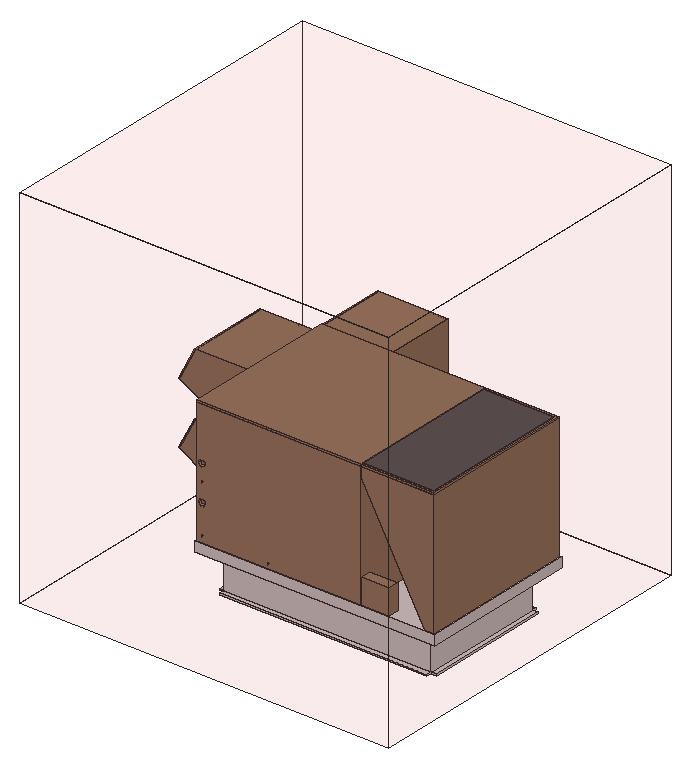
Revit family "Air_Conditioner_Packaged_Rooftop Z(F,H,J,R,S,U,W,K) 8.5-10T Z(J,W) 6.5-7.5T, X(P,A) 6.5-10T", category Mechanical Equipment, Revit 2018 (continued)
Definition of nested family "Commercial_Comfort_Systems-Series_10-Johnson_Control-Curb"
  Dimensions and locks (in)
    aligned and locked: Extrusion 2 sketch curve to plane 12 "Frame Front"
    aligned and locked: Extrusion 2 sketch curve to plane 5 "Front"
    aligned and locked: Extrusion 2 sketch curve to plane 6 "Left"
    aligned and locked: Extrusion 2 sketch curve to plane 7 "Right"
    aligned and locked: Extrusion 2 sketch curve to plane 4 "Back"
    aligned and locked: plane 19 "Top" to Extrusion 2
    aligned and locked: Extrusion 2 to plane 20 "Lip Bottom"
    aligned and locked: Extrusion 3 sketch curve to plane 9 "Frame Thickness Back"  (x2)
    aligned and locked: Extrusion 3 sketch curve to plane 12 "Frame Front"  (x2)
    aligned and locked: plane 8 "Frame Thickness Left" to Extrusion 3 sketch curve
    aligned and locked: Extrusion 3 sketch curve to plane 6 "Left"
    aligned and locked: plane 13 "Frame Right" to Extrusion 3 sketch curve
    aligned and locked: Extrusion 3 sketch curve to plane 7 "Right"
    aligned and locked: Extrusion 3 to plane 2 "Bottom"
    aligned and locked: plane 21 "Flange Top" to Extrusion 3
    aligned and locked: Extrusion 4 sketch curve to plane 8 "Frame Thickness Left"  (x2)
    aligned and locked: plane 9 "Frame Thickness Back" to Extrusion 4 sketch curve
    aligned and locked: Extrusion 4 sketch curve to plane 13 "Frame Right"  (x2)
    aligned and locked: Extrusion 4 sketch curve to plane 4 "Back"
    aligned and locked: plane 12 "Frame Front" to Extrusion 4 sketch curve
    aligned and locked: Extrusion 4 sketch curve to plane 5 "Front"
    aligned and locked: Extrusion 4 to plane 2 "Bottom"
    aligned and locked: plane 21 "Flange Top" to Extrusion 4
    aligned and locked: curve 2 to plane 6 "Left"
    aligned and locked: curve 1 to plane 4 "Back"
    aligned and locked: curve 4 to plane 7 "Right"
    aligned and locked: curve 5 to plane 4 "Back"
    aligned and locked: curve 8 to plane 7 "Right"
    aligned and locked: curve 7 to plane 5 "Front"
    aligned and locked: curve 6 to plane 6 "Left"
    aligned and locked: curve 9 to plane 9 "Frame Thickness Back"
    aligned and locked: curve 10 to plane 8 "Frame Thickness Left"
    aligned and locked: curve 11 to plane 12 "Frame Front"
    aligned and locked: curve 12 to plane 13 "Frame Right"
    aligned and locked: curve 13 to plane 9 "Frame Thickness Back"
    aligned and locked: curve 16 to plane 13 "Frame Right"
    aligned and locked: curve 14 to plane 8 "Frame Thickness Left"
    aligned and locked: curve 15 to plane 12 "Frame Front"
    aligned and locked: curve 18 to plane 6 "Left"
    aligned and locked: curve 19 to plane 5 "Front"
    aligned and locked: curve 20 to plane 7 "Right"
    aligned and locked: curve 17 to plane 4 "Back"
    aligned and locked: curve 21 to plane 4 "Back"
    aligned and locked: curve 22 to plane 6 "Left"
    aligned and locked: curve 23 to plane 5 "Front"
    aligned and locked: curve 24 to plane 7 "Right"
    aligned and locked: plane 2 "Bottom" to curve 28
    aligned and locked: plane 2 "Bottom" to curve 25
    aligned and locked: plane 2 "Bottom" to curve 32
    aligned and locked: plane 2 "Bottom" to curve 29
    aligned and locked: plane 21 "Flange Top" to curve 28
    aligned and locked: plane 21 "Flange Top" to curve 25
    aligned and locked: plane 21 "Flange Top" to curve 32
    aligned and locked: plane 21 "Flange Top" to curve 29
    aligned and locked: plane 20 "Lip Bottom" to curve 27
    aligned and locked: plane 20 "Lip Bottom" to curve 26
    aligned and locked: plane 20 "Lip Bottom" to curve 31
    aligned and locked: plane 20 "Lip Bottom" to curve 30
    aligned and locked: plane 19 "Top" to curve 30
    aligned and locked: plane 19 "Top" to curve 31
    aligned and locked: plane 19 "Top" to curve 26
    aligned and locked: plane 19 "Top" to curve 27
    aligned and locked: curve 26 to plane 6 "Left"
    aligned and locked: curve 27 to plane 6 "Left"
    aligned and locked: curve 25 to plane 6 "Left"
    aligned and locked: curve 28 to plane 6 "Left"
    aligned and locked: plane 7 "Right" to curve 31
    aligned and locked: plane 7 "Right" to curve 30
    aligned and locked: plane 7 "Right" to curve 32
    aligned and locked: plane 7 "Right" to curve 29
    aligned and locked: plane 20 "Lip Bottom" to curve 35
    aligned and locked: plane 20 "Lip Bottom" to curve 34
    aligned and locked: plane 20 "Lip Bottom" to curve 33
    aligned and locked: plane 20 "Lip Bottom" to curve 36
    aligned and locked: plane 21 "Flange Top" to curve 36
    aligned and locked: plane 21 "Flange Top" to curve 33
    aligned and locked: plane 21 "Flange Top" to curve 34
    aligned and locked: plane 21 "Flange Top" to curve 35
    aligned and locked: curve 34 to plane 8 "Frame Thickness Left"
    aligned and locked: curve 35 to plane 8 "Frame Thickness Left"
    aligned and locked: plane 13 "Frame Right" to curve 33
    aligned and locked: plane 13 "Frame Right" to curve 36
    aligned and locked: Masking region 1 sketch curve to plane 19 "Top"
    aligned and locked: Masking region 1 sketch curve to plane 6 "Left"
    aligned and locked: plane 20 "Lip Bottom" to Masking region 1 sketch curve  (x2)
    aligned and locked: Masking region 1 sketch curve to plane 8 "Frame Thickness Left"
    aligned and locked: Masking region 1 sketch curve to plane 13 "Frame Right"
    aligned and locked: plane 2 "Bottom" to Masking region 1 sketch curve
    aligned and locked: Masking region 1 sketch curve to plane 7 "Right"
    aligned and locked: plane 8 "Frame Thickness Left" to Masking region 2 sketch curve
    aligned and locked: Masking region 2 sketch curve to plane 6 "Left"
    aligned and locked: Masking region 2 sketch curve to plane 21 "Flange Top"  (x2)
    aligned and locked: plane 2 "Bottom" to Masking region 2 sketch curve  (x2)
    aligned and locked: plane 13 "Frame Right" to Masking region 2 sketch curve
    aligned and locked: Masking region 2 sketch curve to plane 7 "Right"
    aligned and locked: plane 13 "Frame Right" to curve 37
    aligned and locked: plane 8 "Frame Thickness Left" to curve 37
    aligned and locked: curve 37 to plane 21 "Flange Top"
    aligned and locked: Masking region 3 sketch curve to plane 5 "Front"
    aligned and locked: Masking region 3 sketch curve to plane 19 "Top"
    aligned and locked: Masking region 3 sketch curve to plane 4 "Back"
    aligned and locked: plane 20 "Lip Bottom" to Masking region 3 sketch curve  (x2)
    aligned and locked: Masking region 3 sketch curve to plane 9 "Frame Thickness Back"
    aligned and locked: plane 2 "Bottom" to Masking region 3 sketch curve
    aligned and locked: Masking region 3 sketch curve to plane 12 "Frame Front"
    aligned and locked: Masking region 4 sketch curve to plane 5 "Front"
    aligned and locked: plane 12 "Frame Front" to Masking region 4 sketch curve
    aligned and locked: Masking region 4 sketch curve to plane 21 "Flange Top"  (x2)
    aligned and locked: plane 2 "Bottom" to Masking region 4 sketch curve  (x2)
    aligned and locked: plane 9 "Frame Thickness Back" to Masking region 4 sketch curve
    aligned and locked: Masking region 4 sketch curve to plane 4 "Back"
    aligned and locked: plane 9 "Frame Thickness Back" to curve 38
    aligned and locked: plane 12 "Frame Front" to curve 38
    aligned and locked: curve 38 to plane 21 "Flange Top"
    aligned and locked: plane 13 "Frame Right" to curve 39
    aligned and locked: plane 8 "Frame Thickness Left" to curve 39
    aligned and locked: curve 39 to plane 20 "Lip Bottom"
    aligned and locked: plane 9 "Frame Thickness Back" to curve 40
    aligned and locked: plane 12 "Frame Front" to curve 40
    aligned and locked: curve 40 to plane 20 "Lip Bottom"
    aligned and locked: curve 3 to plane 5 "Front"
Definition of nested family "Commercial_Comfort_Systems-Series_10-Johnson_Control-Outdoor_Air_Hood"
  Parameters
    Paint Finish = none
    Length = 26"
    Height = 35 3/4"
    Depth = 25 3/4"
  Reference planes (in)
    plane 1 "Center (Front/Back)": y = 0
    plane 2 "Bottom": z = 0
    plane 3 "Center (Left/Right)": x = 0
    plane 4 "Back": y = 12.875
    plane 5 "Front": y = -12.875
    plane 6 "Left": x = -13
    plane 7 "Right": x = 13
    plane 8 "Top": z = 35.75
    plane 9 "Frame Left": x = -12.75
    plane 10 "Frame Right": x = 12.75
    plane 11 "Opening Top": z = 23.75
    plane 12 "Opening Bottom": z = 4
    plane 13 "Frame Top": z = 35.5
    plane 14 "Frame Front": y = -12.625
  Forms (in)
    Extrusion 1, solid, material <- "Paint Finish", detail levels fine
      sketch origin (0, 0, 0) x (1, 0, 0) y (0, 1, 0)
        loop
          line (-13, 12.875) -> (-13, -12.875) -> (-12.75, -12.875) -> (-12.75, 12.875) -> (-13, 12.875)
        loop
          line (12.75, 12.875) -> (12.75, -12.875) -> (13, -12.875) -> (13, 12.875) -> (12.75, 12.875)
      from 0 to 35.5
    Extrusion 2, solid, material <- "Paint Finish", detail levels fine
      sketch origin (0, 0, 0) x (1, 0, 0) y (0, 1, 0)
        loop
          line (-13, 12.875) -> (-13, -12.875) -> (13, -12.875) -> (13, 12.875) -> (-13, 12.875)
      from 35.5 to 35.75
    Extrusion 3, solid, material <- "Paint Finish", detail levels fine
      sketch origin (0, 0, 0) x (0, 1, 0) y (0, 0, 1)
        loop
          line (-12.875, 4) -> (-12.72285, 3.80163) -> (12.875, 23.43493) -> (12.875, 23.75) -> (-12.875, 4)
      from -12.75 to 12.75
    Extrusion 4, solid, material <- "Paint Finish", detail levels fine
      sketch origin (0, 0, 0) x (1, 0, 0) y (0, 0, 1)
        loop
          line (-12.75, 35.5) -> (-12.75, 23.75) -> (12.75, 23.75) -> (12.75, 35.5) -> (-12.75, 35.5)
      from 12.625 to 12.875
  Lines and regions (in)
    Masking region 1, detail levels medium+fine
      outline origin (0, 0, 35.75) x (-1, 0, 0) y (0, -1, 0)
        loop
          line (13, -12.875) -> (13, 12.875) -> (-13, 12.875) -> (-13, -12.875) -> (13, -12.875)
    Masking region 2, detail levels medium+fine
      outline origin (0, 0, 0) x (1, 0, 0) y (0, 0, 1)
        loop
          line (-13, 35.75) -> (-13, 0) -> (-12.75, 0) -> (-12.75, 4) -> (12.75, 4) -> (12.75, 0) -> (13, 0) -> (13, 35.75) -> (-13, 35.75)
    Masking region 3, detail levels medium+fine
      outline origin (0, 0, 0) x (0, 1, 0) y (0, 0, 1)
        loop
          line (-12.875, 35.75) -> (-12.875, 0) -> (12.875, 0) -> (12.875, 35.75) -> (-12.875, 35.75)
    symbolic lines, detail levels fine
      curve 1: line (-13, 0, 23.75) -> (13, 0, 23.75)
    model lines, detail levels medium
      curve 2: line (-13, 12.875, 35.75) -> (13, 12.875, 35.75)
      curve 3: line (-13, -12.875, 35.75) -> (-13, 12.875, 35.75)
      curve 4: line (13, -12.875, 35.75) -> (-13, -12.875, 35.75)
      curve 5: line (13, 12.875, 35.75) -> (13, -12.875, 35.75)
      curve 6: line (-13, 12.875, 0) -> (13, 12.875, 0)
      curve 7: line (-13, -12.875, 0) -> (-13, 12.875, 0)
      curve 8: line (13, -12.875, 0) -> (-13, -12.875, 0)
      curve 9: line (13, 12.875, 0) -> (13, -12.875, 0)
      curve 10: line (-13, -12.875, 0) -> (-13, -12.875, 35.75)
      curve 11: line (13, -12.875, 0) -> (13, -12.875, 35.75)
      curve 12: line (-13, 12.875, 0) -> (-13, 12.875, 35.75)
      curve 13: line (13, 12.875, 0) -> (13, 12.875, 35.75)
  Dimensions and locks (in)
    equal spacing: plane 6 "Left", plane 3 "Center (Left/Right)", plane 7 "Right"
    "Length": plane 6 "Left" to plane 7 "Right"
    equal spacing: plane 4 "Back", plane 1 "Center (Front/Back)", plane 5 "Front"
    "Depth": plane 5 "Front" to plane 4 "Back"
    "Height": plane 8 "Top" to plane 2 "Bottom"
    locked: plane 6 "Left" to plane 9 "Frame Left" at 0.25
    locked: plane 10 "Frame Right" to plane 7 "Right" at 0.25
    locked: plane 8 "Top" to plane 11 "Opening Top" at 12
    locked: plane 12 "Opening Bottom" to plane 2 "Bottom" at 4
    locked: plane 8 "Top" to plane 13 "Frame Top" at 0.25
    locked: Extrusion 3 sketch curve to Extrusion 3 sketch curve at 0.25
    locked: plane 11 "Opening Top" to Extrusion 3 sketch curve at 0.31507
    locked: plane 5 "Front" to plane 14 "Frame Front" at 0.25
    locked: Extrusion 3 sketch curve to Extrusion 3 sketch curve (angle 90.00°)  (x2)
    locked: plane 12 "Opening Bottom" to Extrusion 3 sketch curve (angle 37.4879°)
    aligned and locked: Extrusion 1 sketch curve to plane 4 "Back"  (x2)
    aligned and locked: Extrusion 1 sketch curve to plane 10 "Frame Right"
    aligned and locked: plane 7 "Right" to Extrusion 1 sketch curve
    aligned and locked: Extrusion 1 sketch curve to plane 5 "Front"  (x2)
    aligned and locked: Extrusion 1 sketch curve to plane 9 "Frame Left"
    aligned and locked: plane 6 "Left" to Extrusion 1 sketch curve
    aligned and locked: plane 13 "Frame Top" to Extrusion 1
    aligned and locked: Extrusion 1 to plane 2 "Bottom"
    aligned and locked: Extrusion 2 sketch curve to plane 4 "Back"
    aligned and locked: plane 7 "Right" to Extrusion 2 sketch curve
    aligned and locked: Extrusion 2 sketch curve to plane 5 "Front"
    aligned and locked: plane 6 "Left" to Extrusion 2 sketch curve
    aligned and locked: plane 8 "Top" to Extrusion 2
    aligned and locked: Extrusion 2 to plane 13 "Frame Top"
    aligned and locked: plane 11 "Opening Top" to Extrusion 3 sketch curve
    aligned and locked: plane 12 "Opening Bottom" to Extrusion 3 sketch curve
    aligned and locked: plane 5 "Front" to Extrusion 3 sketch curve
    aligned and locked: Extrusion 3 to plane 10 "Frame Right"
    aligned and locked: Extrusion 3 to plane 9 "Frame Left"
    aligned and locked: plane 11 "Opening Top" to Extrusion 4 sketch curve
    aligned and locked: plane 10 "Frame Right" to Extrusion 4 sketch curve
    aligned and locked: plane 9 "Frame Left" to Extrusion 4 sketch curve
    aligned and locked: Extrusion 4 sketch curve to plane 13 "Frame Top"
    aligned and locked: plane 5 "Front" to Extrusion 4
    aligned and locked: Extrusion 4 to plane 14 "Frame Front"
    aligned and locked: Masking region 1 sketch curve to plane 4 "Back"
    aligned and locked: plane 7 "Right" to Masking region 1 sketch curve
    aligned and locked: Masking region 1 sketch curve to plane 5 "Front"
    aligned and locked: plane 6 "Left" to Masking region 1 sketch curve
    aligned and locked: plane 6 "Left" to Masking region 2 sketch curve
    aligned and locked: Masking region 2 sketch curve to plane 8 "Top"
    aligned and locked: plane 7 "Right" to Masking region 2 sketch curve
    aligned and locked: plane 2 "Bottom" to Masking region 2 sketch curve  (x2)
    aligned and locked: Masking region 2 sketch curve to plane 10 "Frame Right"
    aligned and locked: plane 12 "Opening Bottom" to Masking region 2 sketch curve
    aligned and locked: Masking region 2 sketch curve to plane 9 "Frame Left"
    aligned and locked: plane 6 "Left" to curve 1
    aligned and locked: plane 7 "Right" to curve 1
    aligned and locked: curve 1 to plane 11 "Opening Top"
    aligned and locked: plane 2 "Bottom" to Masking region 3 sketch curve
    aligned and locked: Masking region 3 sketch curve to plane 4 "Back"
    aligned and locked: Masking region 3 sketch curve to plane 8 "Top"
    aligned and locked: Masking region 3 sketch curve to plane 5 "Front"
    aligned and locked: curve 2 to plane 4 "Back"
    aligned and locked: curve 4 to plane 5 "Front"
    aligned and locked: curve 8 to plane 5 "Front"
    aligned and locked: plane 7 "Right" to curve 5
    aligned and locked: plane 7 "Right" to curve 9
    aligned and locked: plane 6 "Left" to curve 3
    aligned and locked: plane 6 "Left" to curve 7
    aligned and locked: curve 6 to plane 4 "Back"
    aligned and locked: plane 2 "Bottom" to curve 12
    aligned and locked: plane 2 "Bottom" to curve 10
    aligned and locked: plane 2 "Bottom" to curve 13
    aligned and locked: plane 2 "Bottom" to curve 11
    aligned and locked: plane 8 "Top" to curve 13
    aligned and locked: plane 8 "Top" to curve 11
    aligned and locked: plane 8 "Top" to curve 10
    aligned and locked: plane 8 "Top" to curve 12
    aligned and locked: plane 6 "Left" to curve 10
    aligned and locked: plane 6 "Left" to curve 12
    aligned and locked: curve 11 to plane 7 "Right"
    aligned and locked: curve 13 to plane 7 "Right"
Definition of nested family "Commercial_Comfort_Systems-Series_10-Johnson_Control-Hood"
  Parameters
    Paint Finish = none
    Open Hole [instance] = yes
    No Hood [instance] = not(or(Hood, Open Hole))  # no
    Length = 30 1/4"
    Hood [instance] = yes
    Height = 18 7/8"
    Depth = 26"
  Reference planes (in)
    plane 1 "Center (Front/Back)": y = 0
    plane 2 "Bottom": z = 0
    plane 3 "Center (Left/Right)": x = 0
    plane 4 "Back": y = 13
    plane 5 "Front": y = -13
    plane 6 "Left": x = -15.125
    plane 7 "Right": x = 15.125
    plane 8 "Bottom Angle Back": y = 7
    plane 9 "Top Angle Front": y = -7
    plane 10 "Top": z = 18.875
    plane 11 "Frame Left": x = -14.875
    plane 12 "Frame Right": x = 14.875
    plane 13 "Frame Top": z = 18.625
    plane 14 "Frame Bottom": z = 0.25
    plane 15 "Center Elevation": z = 9.4375
    plane 16 "Close Hood Back": y = 13.5
    plane 17 "Front Offset": y = -12.77212
    plane 18 "Center (Elevation) Offset": z = 9.1875
    plane 19 "Bottom Angle Back Offset": y = 6.4702
    plane 20 "Top Angle Front Offset": y = -6.86269
  Forms (in)
    Extrusion 1, solid, material <- "Paint Finish", visible <- "Hood", detail levels fine
      sketch origin (0, 0, 0) x (0, 1, 0) y (0, 0, 1)
        loop
          line (-13, 9.4375) -> (7, 0) -> (13, 0) -> (13, 18.875) -> (-7, 18.875) -> (-13, 9.4375)
      from -15.125 to 15.125
    Extrusion 2, solid, material <- "Paint Finish", visible <- "No Hood", detail levels medium+fine
      sketch origin (0, 0, 9.4375) x (-1, 0, 0) y (0, -1, 0)
        loop
          line (15.125, -13.5) -> (15.125, -13) -> (-15.125, -13) -> (-15.125, -13.5) -> (15.125, -13.5)
      from -9.4375 to 9.4375
    Extrusion 3, void, detail levels fine
      sketch origin (15.125, 0, 0) x (0, -1, 0) y (0, 0, -1)
        loop
          line (-13, -18.625) -> (6.86269, -18.625) -> (12.77212, -9.1875) -> (-6.4702, -0.25) -> (-13, -0.25) -> (-13, -18.625)
      from -30 to -0.25
  Cuts and joins
    Extrusion 3 cuts Extrusion 1
  Lines and regions (in)
    Masking region 1, visible <- "Hood", detail levels medium+fine
      outline origin (0, 0, 18.875) x (-1, 0, 0) y (0, -1, 0)
        loop
          line (15.125, -13) -> (15.125, 13) -> (-15.125, 13) -> (-15.125, -13) -> (15.125, -13)
    Masking region 2, visible <- "Hood", detail levels medium+fine
      outline origin (0, 0, 0) x (0, 1, 0) y (0, 0, 1)
        loop
          line (-7, 18.875) -> (-13, 9.4375) -> (7, 0) -> (13, 0) -> (13, 18.875) -> (-7, 18.875)
    Masking region 3, detail levels medium+fine
      outline origin (0, 0, 0) x (1, 0, 0) y (0, 0, 1)
        loop
          line (-15.125, 18.875) -> (-15.125, 0) -> (15.125, 0) -> (15.125, 18.875) -> (-15.125, 18.875)
    symbolic lines, visible <- "Hood", detail levels fine
      curve 1: line (-15.125, -7, 18.875) -> (15.125, -7, 18.875)
      curve 2: line (-15.125, 0, 9.4375) -> (15.125, 0, 9.4375)
    model lines, visible <- "Hood", detail levels medium
      curve 3: line (-15.125, 13, 18.875) -> (15.125, 13, 18.875)
      curve 4: line (-15.125, -7, 18.875) -> (-15.125, 13, 18.875)
      curve 5: line (15.125, -7, 18.875) -> (-15.125, -7, 18.875)
      curve 6: line (15.125, 13, 18.875) -> (15.125, -7, 18.875)
      curve 7: line (-15.125, 13, 0) -> (15.125, 13, 0)
      curve 8: line (-15.125, 7, 0) -> (-15.125, 13, 0)
      curve 9: line (15.125, 7, 0) -> (-15.125, 7, 0)
      curve 10: line (15.125, 13, 0) -> (15.125, 7, 0)
      curve 11: line (-15.125, -13, 9.4375) -> (15.125, -13, 9.4375)
      curve 12: line (15.125, -7, 18.875) -> (15.125, -13, 9.4375)
      curve 13: line (15.125, -13, 9.4375) -> (15.125, 7, 0)
      curve 14: line (-15.125, -7, 18.875) -> (-15.125, -13, 9.4375)
      curve 15: line (-15.125, -13, 9.4375) -> (-15.125, 7, 0)
    model lines, detail levels medium
      curve 16: line (-15.125, 13, 18.875) -> (-15.125, 13, 0)
      curve 17: line (15.125, 13, 0) -> (15.125, 13, 18.875)
  Dimensions and locks (in)
    equal spacing: plane 5 "Front", plane 1 "Center (Front/Back)", plane 4 "Back"
    "Depth": plane 5 "Front" to plane 4 "Back"
    equal spacing: plane 6 "Left", plane 3 "Center (Left/Right)", plane 7 "Right"
    "Length": plane 6 "Left" to plane 7 "Right"
    locked: plane 4 "Back" to plane 8 "Bottom Angle Back" at 6
    locked: plane 5 "Front" to plane 9 "Top Angle Front" at 6
    "Height": plane 10 "Top" to plane 2 "Bottom"
    locked: plane 14 "Frame Bottom" to plane 2 "Bottom" at 0.25
    locked: plane 10 "Top" to plane 13 "Frame Top" at 0.25
    locked: plane 6 "Left" to plane 11 "Frame Left" at 0.25
    locked: plane 12 "Frame Right" to plane 7 "Right" at 0.25
    equal spacing: plane 10 "Top", plane 15 "Center Elevation", plane 2 "Bottom"
    locked: plane 16 "Close Hood Back" to plane 4 "Back" at 0.5
    locked: plane 5 "Front" to plane 17 "Front Offset" at 0.22788
    locked: plane 15 "Center Elevation" to plane 18 "Center (Elevation) Offset" at 0.25
    locked: plane 19 "Bottom Angle Back Offset" to plane 8 "Bottom Angle Back" at 0.5298
    locked: plane 9 "Top Angle Front" to plane 20 "Top Angle Front Offset" at 0.13731
    aligned and locked: Extrusion 1 sketch curve to plane 10 "Top"
    aligned and locked: Extrusion 1 sketch curve to plane 4 "Back"
    aligned and locked: plane 2 "Bottom" to Extrusion 1 sketch curve  (x2)
    aligned and locked: plane 8 "Bottom Angle Back" to Extrusion 1 sketch curve
    aligned and locked: plane 5 "Front" to Extrusion 1 sketch curve
    aligned and locked: plane 15 "Center Elevation" to Extrusion 1 sketch curve
    aligned and locked: plane 9 "Top Angle Front" to Extrusion 1 sketch curve
    aligned and locked: plane 6 "Left" to Extrusion 1
    aligned and locked: plane 7 "Right" to Extrusion 1
    aligned and locked: Masking region 1 sketch curve to plane 5 "Front"
    aligned and locked: Masking region 1 sketch curve to plane 7 "Right"
    aligned and locked: Masking region 1 sketch curve to plane 6 "Left"
    aligned and locked: Masking region 1 sketch curve to plane 4 "Back"
    aligned and locked: plane 7 "Right" to curve 1
    aligned and locked: plane 9 "Top Angle Front" to curve 1
    aligned and locked: plane 10 "Top" to Masking region 2 sketch curve  (x2)
    aligned and locked: plane 4 "Back" to Masking region 2 sketch curve
    aligned and locked: Masking region 2 sketch curve to plane 2 "Bottom"
    aligned and locked: plane 8 "Bottom Angle Back" to Masking region 2 sketch curve
    aligned and locked: plane 5 "Front" to Masking region 2 sketch curve
    aligned and locked: plane 15 "Center Elevation" to Masking region 2 sketch curve
    aligned and locked: plane 9 "Top Angle Front" to Masking region 2 sketch curve
    aligned and locked: Masking region 3 sketch curve to plane 10 "Top"
    aligned and locked: plane 2 "Bottom" to Masking region 3 sketch curve
    aligned and locked: Masking region 3 sketch curve to plane 7 "Right"
    aligned and locked: Masking region 3 sketch curve to plane 6 "Left"
    aligned and locked: plane 6 "Left" to curve 2
    aligned and locked: plane 7 "Right" to curve 2
    aligned and locked: curve 2 to plane 15 "Center Elevation"
    aligned and locked: curve 3 to plane 4 "Back"
    aligned and locked: curve 4 to plane 6 "Left"
    aligned and locked: curve 5 to plane 9 "Top Angle Front"
    aligned and locked: curve 6 to plane 7 "Right"
    aligned and locked: plane 8 "Bottom Angle Back" to curve 9
    aligned and locked: curve 10 to plane 7 "Right"
    aligned and locked: curve 8 to plane 6 "Left"
    aligned and locked: curve 7 to plane 4 "Back"
    aligned and locked: plane 6 "Left" to curve 11
    aligned and locked: plane 7 "Right" to curve 11
    aligned and locked: plane 5 "Front" to curve 11
    aligned and locked: plane 10 "Top" to curve 12
    aligned and locked: plane 9 "Top Angle Front" to curve 12
    aligned and locked: plane 8 "Bottom Angle Back" to curve 13
    aligned and locked: plane 2 "Bottom" to curve 13
    aligned and locked: plane 5 "Front" to curve 13
    aligned and locked: plane 15 "Center Elevation" to curve 13
    aligned and locked: plane 2 "Bottom" to curve 15
    aligned and locked: plane 8 "Bottom Angle Back" to curve 15
    aligned and locked: plane 15 "Center Elevation" to curve 15
    aligned and locked: plane 5 "Front" to curve 15
    aligned and locked: Extrusion 2 sketch curve to plane 6 "Left"
    aligned and locked: Extrusion 2 sketch curve to plane 7 "Right"
    aligned and locked: plane 4 "Back" to Extrusion 2 sketch curve
    aligned and locked: Extrusion 2 sketch curve to plane 16 "Close Hood Back"
    aligned and locked: Extrusion 2 to plane 2 "Bottom"
    aligned and locked: plane 10 "Top" to Extrusion 2
    aligned and locked: Extrusion 3 sketch curve to plane 4 "Back"
    aligned and locked: plane 14 "Frame Bottom" to Extrusion 3 sketch curve  (x2)
    aligned and locked: plane 11 "Frame Left" to Extrusion 3
    aligned and locked: plane 12 "Frame Right" to Extrusion 3
    aligned and locked: plane 17 "Front Offset" to Extrusion 3 sketch curve
    aligned and locked: plane 18 "Center (Elevation) Offset" to Extrusion 3 sketch curve
    aligned and locked: plane 19 "Bottom Angle Back Offset" to Extrusion 3 sketch curve
    aligned and locked: plane 20 "Top Angle Front Offset" to Extrusion 3 sketch curve
    aligned and locked: plane 13 "Frame Top" to Extrusion 3 sketch curve
    aligned and locked: plane 6 "Left" to curve 16
    aligned and locked: plane 7 "Right" to curve 17
    aligned and locked: plane 2 "Bottom" to curve 16
    aligned and locked: plane 2 "Bottom" to curve 17
    aligned and locked: plane 10 "Top" to curve 17
    aligned and locked: plane 10 "Top" to curve 14
    aligned and locked: plane 10 "Top" to curve 16
  Automatic sketch dimensions
    curve 14 to plane 9 "Top Angle Front" = 0"
    curve 14 to plane 10 "Top" = 0"
Definition of nested family "Include Clearance"
  Parameters
    Width = 36"
    Height = 36"
    Depth = 36"
    Clearance Top = 6"
    Clearance Right = 6"
    Clearance Material = none
    Clearance Left = 6"
    Clearance Front = 6"
    Clearance Bottom = 6"
    Clearance Back = 6"
    Assembly Code = ""
  Reference planes (in)
    plane 1 "Center (Front/Back)": y = 0
    plane 2 "Bottom": z = 0
    plane 3 "Center (Left/Right)": x = 0
    plane 4 "Clearance Front": y = -24
    plane 5 "Top": z = 36
    plane 6 "Back": y = 18
    plane 7 "Left": x = -18
    plane 8 "Front": y = -18
    plane 9 "Right": x = 18
    plane 10 "Clearance Back": y = 24
    plane 11 "Clearance Left": x = -24
    plane 12 "Clearance Right": x = 24
    plane 13 "Clearance Top": z = 42
    plane 14 "Clearance Bottom": z = -6
  Forms (in)
    Extrusion 1, solid, material <- "Clearance Material"
      sketch origin (0, 0, 36) x (-1, 0, 0) y (0, -1, 0)
        loop
          line (24, -24) -> (24, 24) -> (-24, 24) -> (-24, -24) -> (24, -24)
      from -42 to 6
  Lines and regions (in)
    symbolic lines
      curve 1: line (-24, 24, 36) -> (24, 24, 36)
      curve 2: line (-24, -24, 36) -> (-24, 24, 36)
      curve 3: line (24, -24, 36) -> (-24, -24, 36)
      curve 4: line (24, 24, 36) -> (24, -24, 36)
      curve 5: line (-24, 0, 42) -> (24, 0, 42)
      curve 6: line (-24, 0, -6) -> (-24, 0, 42)
      curve 7: line (24, 0, -6) -> (-24, 0, -6)
      curve 8: line (24, 0, 42) -> (24, 0, -6)
      curve 9: line (0, -24, 42) -> (0, 24, 42)
      curve 10: line (0, -24, -6) -> (0, -24, 42)
      curve 11: line (0, 24, -6) -> (0, -24, -6)
      curve 12: line (0, 24, 42) -> (0, 24, -6)
  Dimensions and locks (in)
    "Height": plane 5 "Top" to plane 2 "Bottom"
    "Depth": plane 6 "Back" to plane 8 "Front"
    "Width": plane 7 "Left" to plane 9 "Right"
    equal spacing: plane 7 "Left", plane 3 "Center (Left/Right)", plane 9 "Right"
    equal spacing: plane 6 "Back", plane 1 "Center (Front/Back)", plane 8 "Front"
    "Clearance Bottom": plane 2 "Bottom" to plane 14 "Clearance Bottom"
    "Clearance Top": plane 13 "Clearance Top" to plane 5 "Top"
    "Clearance Left": plane 11 "Clearance Left" to plane 7 "Left"
    "Clearance Right": plane 9 "Right" to plane 12 "Clearance Right"
    "Clearance Back": plane 10 "Clearance Back" to plane 6 "Back"
    "Clearance Front": plane 4 "Clearance Front" to plane 8 "Front"
    aligned and locked: level to plane 2 "Bottom"
    aligned and locked: Extrusion 1 sketch curve to plane 10 "Clearance Back"
    aligned and locked: Extrusion 1 sketch curve to plane 11 "Clearance Left"
    aligned and locked: Extrusion 1 sketch curve to plane 12 "Clearance Right"
    aligned and locked: Extrusion 1 sketch curve to plane 4 "Clearance Front"
    aligned and locked: plane 14 "Clearance Bottom" to Extrusion 1
    aligned and locked: plane 13 "Clearance Top" to Extrusion 1
    aligned and locked: curve 1 to plane 10 "Clearance Back"
    aligned and locked: curve 2 to plane 11 "Clearance Left"
    aligned and locked: curve 4 to plane 12 "Clearance Right"
    aligned and locked: curve 3 to plane 4 "Clearance Front"
    aligned and locked: curve 5 to plane 13 "Clearance Top"
    aligned and locked: curve 6 to plane 11 "Clearance Left"
    aligned and locked: curve 7 to plane 14 "Clearance Bottom"
    aligned and locked: curve 8 to plane 12 "Clearance Right"
    aligned and locked: curve 9 to plane 13 "Clearance Top"
    aligned and locked: curve 11 to plane 14 "Clearance Bottom"
    aligned and locked: curve 12 to plane 10 "Clearance Back"
    aligned and locked: curve 10 to plane 4 "Clearance Front"
